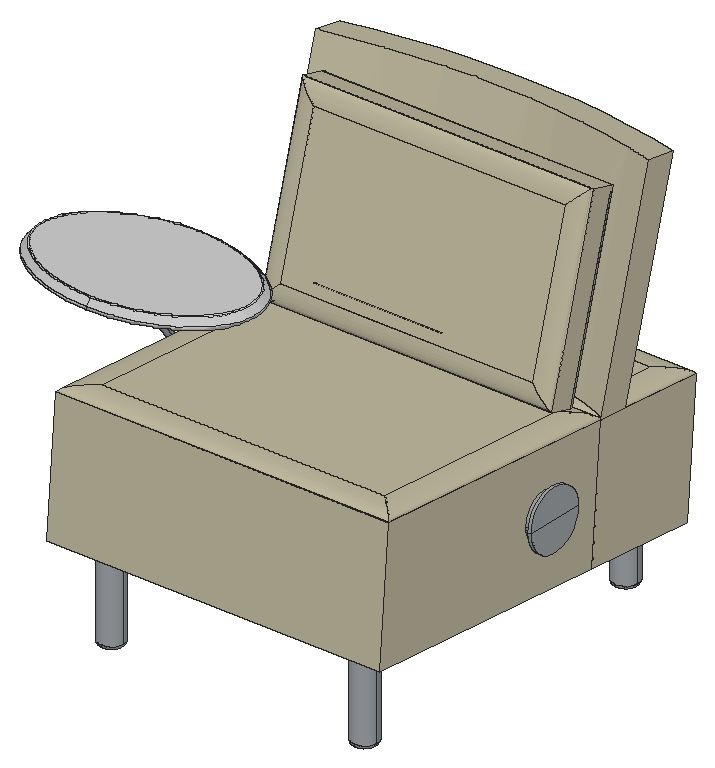
Revit family
Parameters
  URL = "http://www.martinbrattrud.com"
  Table Top [instance] = none
  SCS Certified Product = "Yes"
  Model = "Stonehenge 915-02"
  Manufacturer = "Martin Brattrud, Inc."
  Leg [instance] = none
  Keynote = "125000"
  Copyright = "© 2013 Martin Brattrud, Inc."
  Chair [instance] = none
  Back Cushion [instance] = none
  Authoring Version = "Revit Architecture 2010"
  Assembly Code = "E2020200"
Reference planes (in)
  plane 1 "Center Front/Back": y = 0
  plane 2: z = 0
  plane 3 "Center Left/Right": x = 0
Forms (in)
  Extrusion 1, solid, material <- "Chair"
    sketch origin (0, 0.52946, 5.84845) x (0, -0.995927, 0.090161) y (-1, 0, 0)
      loop
        line (-14.83695, -13.47209) -> (-5.2106, -13.47209) -> (-5.2106, 13.47209) -> (-14.83695, 13.47209) -> (-14.83695, -13.47209)
    from -10.4513 to -0.00014
  Extrusion 2, solid, material <- "Chair"
    sketch origin (0, 10.90822, 4.90887) x (0, 0.995927, -0.090161) y (1, 0, 0)
      loop
        line (-26.7106, 13.47209) -> (-26.7106, -13.47209) -> (-5.2106, -13.47209) -> (-5.2106, 13.47209) -> (-26.7106, 13.47209)
    from -10.4513 to 0.00024
  Sweep 3, solid, material <- "Chair"
    path in 3D
      loop
        line (13.47209, -14.7513, 17.72585) -> (13.47209, 6.66113, 15.7874) -> (-13.47209, 6.66113, 15.7874) -> (-13.47209, -14.7513, 17.72585) -> (13.47209, -14.7513, 17.72585)
    profile origin (0, -14.7513, 17.72585) x (0, 0.995927, -0.090161) y (0, 0.090161, 0.995927)
      loop
        line (2.03125, 0) -> (2.03125, 0.52839)
        spline (2.03125, 0.52839) -> (1.7702, 0.52387) -> (1.51361, 0.51039) -> (1.26588, 0.48817) -> (1.03125, 0.4576) -> (0.81373, 0.4192) -> (0.61704, 0.37363) -> (0.44454, 0.32166) -> (0.2992, 0.2642) -> (0.18349, 0.20221) -> (0.0994, 0.13676) -> (0.04836, 0.06897) -> (0.03125, 0)
        line (0.03125, 0) -> (2.03125, 0)
  Extrusion 4, solid, material <- "Chair"
    sketch origin (0, 0, 0) x (0, 1, 0) y (0, 0, 1)
      loop
        line (4.68579, 16.49677) -> (-12.68069, 18.06895) -> (-12.72833, 17.54271) -> (4.63815, 15.97053) -> (4.68579, 16.49677)
    from -11.44084 to 11.44084
  Sweep 5, solid, material <- "Chair"
    path in 3D
      loop
        line (-13.47209, 16.24828, 14.91948) -> (-13.47209, 6.66113, 15.7874) -> (13.47209, 6.66113, 15.7874) -> (13.47209, 16.24828, 14.91948) -> (-13.47209, 16.24828, 14.91948)
    profile origin (0, 16.24828, 14.91948) x (0, -0.995927, 0.090161) y (0, 0.090161, 0.995927)
      loop
        line (2.03125, 0) -> (2.03125, 0.45358)
        spline (2.03125, 0.45358) -> (1.7702, 0.4497) -> (1.51361, 0.43812) -> (1.26588, 0.41905) -> (1.03125, 0.39281) -> (0.81373, 0.35985) -> (0.61704, 0.32073) -> (0.44454, 0.27612) -> (0.2992, 0.22679) -> (0.18349, 0.17358) -> (0.0994, 0.11739) -> (0.04836, 0.0592) -> (0.03125, 0)
        line (0.03125, 0) -> (2.03125, 0)
  Extrusion 6, solid, material <- "Chair"
    sketch origin (0, 0, 0) x (0, 1, 0) y (0, 0, 1)
      loop
        line (9.98768, 30.76355) -> (8.06607, 31.31925) -> (3.89659, 16.90046) -> (5.81732, 16.34476) -> (9.98768, 30.76355)
    from -11.75 to 11.75
  Sweep 7, solid, material <- "Chair"
    path in 3D
      loop
        line (-11.75, 8.06607, 31.31925) -> (-11.75, 3.89659, 16.90046) -> (11.75, 3.89659, 16.90046) -> (11.75, 8.06607, 31.31925) -> (-11.75, 8.06607, 31.31925)
    profile origin (0, 8.06607, 31.31925) x (0, -0.277789, -0.960642) y (0, -0.960642, 0.277789)
      loop
        line (0.03125, 0) -> (1.53125, 0) -> (1.53125, 0.46962)
        spline (1.53125, 0.46962) -> (1.33546, 0.4656) -> (1.14302, 0.45362) -> (0.95722, 0.43387) -> (0.78125, 0.4067) -> (0.61811, 0.37258) -> (0.47059, 0.33207) -> (0.34122, 0.28589) -> (0.23221, 0.23481) -> (0.14543, 0.17972) -> (0.08236, 0.12155) -> (0.04408, 0.0613) -> (0.03125, 0)
  Extrusion 8, solid, material <- "Chair"
    sketch origin (0, 0, 0) x (0, 1, 0) y (0, 0, 1)
      loop
        line (7.64071, 29.84827) -> (7.18957, 29.97873) -> (3.87082, 18.5019) -> (4.32195, 18.37145) -> (7.64071, 29.84827)
    from -10.21875 to 10.21875
  Extrusion 9, solid, material <- "Back Cushion"
    sketch origin (0, 9.59309, 33.0573) x (0, -0.960379, 0.278698) y (-1, 0, 0)
      loop
        line (-4.43095, -13.47209) -> (-2.03001, -13.47209)
        spline (-2.03001, -13.47209) -> (-2.63308, -11.28001) -> (-3.12847, -9.05886) -> (-3.51491, -6.8144) -> (-3.79139, -4.55239) -> (-3.9572, -2.27868) -> (-4.01191, 0.00086) -> (-3.95539, 2.28035) -> (-3.78777, 4.55391) -> (-3.50949, 6.81568) -> (-3.12128, 9.05981) -> (-2.62412, 11.28053) -> (-2.01931, 13.47209)
        line (-2.01931, 13.47209) -> (-4.42025, 13.47209)
        spline (-4.42025, 13.47209) -> (-5.02507, 11.28053) -> (-5.52222, 9.05981) -> (-5.91044, 6.81568) -> (-6.18872, 4.55391) -> (-6.35633, 2.28035) -> (-6.41286, 0.00086) -> (-6.35814, -2.27868) -> (-6.19233, -4.55239) -> (-5.91585, -6.8144) -> (-5.52942, -9.05886) -> (-5.03403, -11.28001) -> (-4.43095, -13.47209)
    from -2.42207 to 17.57683
  Extrusion 10, void
    sketch origin (0, 0, 0) x (0, 1, 0) y (0, 0, 1)
      loop
        line (16.47346, 31.64061) -> (16.894, 34.06774) -> (11.72108, 34.96404) -> (11.30054, 32.5369) -> (16.47346, 31.64061)
      loop
        line (6.40792, 15.81305) -> (6.22512, 13.81373) -> (12.28534, 13.25965) -> (12.46814, 15.25896) -> (6.40792, 15.81305)
    from -15.22442 to 15.21518
  Sweep 11, solid, material <- "Leg"
    path in 3D
      loop
        line (-13.80104, 1.0919, 11.15112) -> (-13.80104, -8.45961, 24.29765)
    profile origin (-13.80104, -3.68385, 17.72438) x (-1, 0, 0) y (0, -0.809017, -0.587785)
      loop
        circle (0, 0) r 0.27955
  Extrusion 12, solid, material <- "Leg"
    sketch origin (0, 0, 0) x (1, 0, 0) y (0, 1, 0)
      loop
        circle (-13.80104, -8.22748) r 2
    from 24.00353 to 24.12853
  Extrusion 13, solid, material <- "Leg"
    sketch origin (0, 0, 0) x (1, 0, 0) y (0, 1, 0)
      loop
        circle (-10.25, -13.20254) r 1
      loop
        circle (10.25, -13.20254) r 1
    from 0.25 to 7.25
  Revolve 14, solid, material <- "Leg"
    sketch origin (-10.25, 0, 0) x (0, 1, 0) y (0, 0, 1)
      loop
        line (-12.20254, 0.25) -> (-13.20254, 0.25) -> (-13.20254, 0) -> (-12.45254, 0)
        arc (-12.45254, 0) -> (-12.27577, 0.07322) -> (-12.20254, 0.25) r 0.25
      axis (-13.20254, 0) -> (-13.20254, 0.25)
    angle from 0 to 360
  Revolve 15, solid, material <- "Leg"
    sketch origin (10.25, 0, 0) x (0, 1, 0) y (0, 0, -1)
      loop
        arc (-12.20254, -0.25) -> (-12.27577, -0.07322) -> (-12.45254, 0) r 0.25
        line (-12.45254, 0) -> (-13.20254, 0) -> (-13.20254, -0.25) -> (-12.20254, -0.25)
      axis (-13.20254, 0) -> (-13.20254, -0.25)
    angle from 0 to 360
  Revolve 16, solid, material <- "Leg"
    sketch origin (-10.25, 0, 0) x (0, -1, 0) y (0, 0, -1)
      loop
        arc (-12.20254, -0.25) -> (-12.27577, -0.07322) -> (-12.45254, 0) r 0.25
        line (-12.45254, 0) -> (-13.20254, 0) -> (-13.20254, -0.25) -> (-12.20254, -0.25)
      axis (-13.20254, 0) -> (-13.20254, -0.25)
    angle from 0 to 360
  Revolve 17, solid, material <- "Leg"
    sketch origin (10.25, 0, 0) x (0, -1, 0) y (0, 0, 1)
      loop
        line (-12.20254, 0.25) -> (-13.20254, 0.25) -> (-13.20254, 0) -> (-12.45254, 0)
        arc (-12.45254, 0) -> (-12.27577, 0.07322) -> (-12.20254, 0.25) r 0.25
      axis (-13.20254, 0) -> (-13.20254, 0.25)
    angle from 0 to 360
  Extrusion 18, solid, material <- "Leg"
    sketch origin (0, 0, 0) x (1, 0, 0) y (0, 1, 0)
      loop
        circle (-10.25, 13.20254) r 1
      loop
        circle (10.25, 13.20254) r 1
    from 0.25 to 4.90693
  Revolve 19, solid, material <- "Leg"
    sketch origin (0, 0, 11.375) x (-1, 0, 0) y (0, 1, 0)
      loop
        line (14.38, -1.5074) -> (14.38, 0.8676) -> (13.47209, 0.8676) -> (13.47209, -1.0074) -> (14.13, -1.0074) -> (14.13, -1.5074) -> (14.38, -1.5074)
      loop
        line (-14.38, -1.5074) -> (-14.13, -1.5074) -> (-14.13, -1.0074) -> (-13.47209, -1.0074) -> (-13.47209, 0.8676) -> (-14.38, 0.8676) -> (-14.38, -1.5074)
      axis (-14.38, 0.8676) -> (14.38, 0.8676)
    angle from 0 to 360
  Sweep 20, solid, material <- "Chair"
    path in 3D
      loop
        line (11.44084, 8.725, 16.05599) -> (11.44084, 8.68411, 15.60426)
    profile origin (11.44084, 8.70456, 15.83012) x (0, -0.995927, 0.090161) y (-1, 0, 0)
      loop
        line (0, 22.88167) -> (-5.56385, 22.88167) -> (-5.56385, 0) -> (0, 0) -> (0, 22.88167)
  Sweep 21, solid, material <- "Chair"
    path in 3D
      loop
        line (-10.21875, 7.18957, 29.97873) -> (-10.21875, 7.64071, 29.84827)
    profile origin (-10.21875, 7.41514, 29.9135) x (0, -0.277789, -0.960642) y (-1, 0, 0)
      loop
        line (0, 0) -> (0, -20.4375) -> (11.94703, -20.4375) -> (11.94703, 0) -> (0, 0)
  Sweep 22, solid, material <- "Chair"
    path in 3D
      loop
        line (-11.75, 9.98768, 30.76355) -> (-11.75, 5.81771, 16.3449) -> (11.75, 5.81771, 16.3449) -> (11.75, 9.98768, 30.76355) -> (-11.75, 9.98768, 30.76355)
    profile origin (0, 9.98768, 30.76355) x (0, 0.277821, 0.960633) y (0, 0.960633, -0.277821)
      loop
        spline (-0.03125, 0) -> (-0.04408, 0.0613) -> (-0.08236, 0.12155) -> (-0.14543, 0.17972) -> (-0.23221, 0.23481) -> (-0.34122, 0.28589) -> (-0.47059, 0.33207) -> (-0.61811, 0.37258) -> (-0.78125, 0.4067) -> (-0.95722, 0.43387) -> (-1.14302, 0.45362) -> (-1.33546, 0.4656) -> (-1.53125, 0.46962)
        line (-1.53125, 0.46962) -> (-1.53125, 0) -> (-0.03125, 0)
  Extrusion 23, solid, material <- "Chair"
    sketch origin (0, 0.0924, -0.02672) x (0, -0.845649, 0.53374) y (0, -0.53374, -0.845649)
      loop
        line (7.64071, -29.84827) -> (4.32195, -18.37145) -> (3.87082, -18.5019) -> (7.18957, -29.97873) -> (7.64071, -29.84827)
    from -10.21875 to 10.21875
  Sweep 24, solid, material <- "Chair"
    path in 3D
      loop
        line (-10.21875, 9.56227, 29.29258) -> (-10.21875, 10.0134, 29.16211)
    profile origin (-10.21875, 9.78783, 29.22734) x (0, -0.277821, -0.960633) y (-1, 0, 0)
      loop
        line (0, 0) -> (0, -20.4375) -> (11.94703, -20.4375) -> (11.94703, 0) -> (0, 0)
  Sweep 25, solid, material <- "Table Top"
    path in 3D
      loop
        spline (-11.44171, -2.24315, 24.12853) -> (-9.11234, -2.4476, 24.12853) -> (-6.94171, -3.047, 24.12853) -> (-5.07775, -4.00051, 24.12853) -> (-3.64748, -5.24315, 24.12853) -> (-2.74838, -6.69024, 24.12853) -> (-2.44171, -8.24315, 24.12853) -> (-2.74838, -9.79606, 24.12853) -> (-3.64748, -11.24315, 24.12853) -> (-5.07775, -12.48579, 24.12853) -> (-6.94171, -13.4393, 24.12853) -> (-9.11234, -14.03871, 24.12853) -> (-11.44171, -14.24315, 24.12853)
        spline (-11.44171, -14.24315, 24.12853) -> (-13.77108, -14.03871, 24.12853) -> (-15.94171, -13.4393, 24.12853) -> (-17.80567, -12.48579, 24.12853) -> (-19.23594, -11.24315, 24.12853) -> (-20.13504, -9.79606, 24.12853) -> (-20.44171, -8.24315, 24.12853) -> (-20.13504, -6.69024, 24.12853) -> (-19.23594, -5.24315, 24.12853) -> (-17.80567, -4.00051, 24.12853) -> (-15.94171, -3.047, 24.12853) -> (-13.77108, -2.4476, 24.12853) -> (-11.44171, -2.24315, 24.12853)
    profile origin (-20.44171, -8.24315, 24.12853) x (-1, 0, 0) y (0, 0, 1)
      loop
        line (-2.02252, 0.75) -> (-2.02252, 0) -> (-0.14497, 0)
        arc (-0.14497, 0) -> (-0.03102, 0.07363) -> (-0.05131, 0.20778) r 0.125
        line (-0.05131, 0.20778) -> (-0.49321, 0.70778)
        arc (-0.49321, 0.70778) -> (-0.5355, 0.73896) -> (-0.58687, 0.75) r 0.125
        line (-0.58687, 0.75) -> (-2.02252, 0.75)
  Extrusion 26, solid, material <- "Table Top"
    sketch origin (-19.66919, 5.55789, 0) x (0, 1, 0) y (-1, 0, 0)
      loop
        spline (-17.77853, -8.22748) -> (-17.60557, -10.20118) -> (-17.10964, -12.00095) -> (-16.36085, -13.46955) -> (-15.47705, -14.49272) -> (-14.59987, -15.04411) -> (-13.80104, -15.20497) -> (-13.00222, -15.04411) -> (-12.12504, -14.49272) -> (-11.24124, -13.46955) -> (-10.49245, -12.00095) -> (-9.99652, -10.20118) -> (-9.82356, -8.22748)
        spline (-9.82356, -8.22748) -> (-9.99652, -6.25378) -> (-10.49245, -4.45401) -> (-11.24124, -2.98541) -> (-12.12504, -1.96224) -> (-13.00222, -1.41085) -> (-13.80104, -1.25) -> (-14.59987, -1.41085) -> (-15.47705, -1.96224) -> (-16.36085, -2.98541) -> (-17.10964, -4.45401) -> (-17.60557, -6.25378) -> (-17.77853, -8.22748)
    from 24.12853 to 24.87853
Cuts and joins
  Extrusion 10 cuts Extrusion 9
  joined: Sweep 7, Extrusion 8, Sweep 21
  joined: Sweep 22, Extrusion 23, Sweep 24
  joined: Sweep 5, Sweep 20
  joined: Sweep 3, Extrusion 4
  joined: Sweep 25, Extrusion 26
Lines and regions (in)
  sketch lines
    curve 1: line (-13.47209, -14.7513, 17.72585) -> (13.47209, -14.7513, 17.72585)
    curve 2: line (-13.47209, 6.66113, 15.7874) -> (-13.47209, -14.7513, 17.72585)
    curve 3: line (13.47209, 6.66113, 15.7874) -> (-13.47209, 6.66113, 15.7874)
    curve 4: line (13.47209, -14.7513, 17.72585) -> (13.47209, 6.66113, 15.7874)
    curve 5: line (11.75, 8.06607, 31.31925) -> (-11.75, 8.06607, 31.31925)
    curve 6: line (-11.75, 3.89659, 16.90046) -> (-11.75, 8.06607, 31.31925)
    curve 7: line (11.75, 3.89659, 16.90046) -> (-11.75, 3.89659, 16.90046)
    curve 8: line (11.75, 8.06607, 31.31925) -> (11.75, 3.89659, 16.90046)
    curve 9: line (-13.80104, 1.0919, 11.15112) -> (-13.80104, -8.45961, 24.29765)
    curve 10: line (13.47209, 16.24828, 14.91948) -> (-13.47209, 16.24828, 14.91948)
    curve 11: line (13.47209, 6.66113, 15.7874) -> (13.47209, 16.24828, 14.91948)
    curve 12: line (-13.47209, 6.66113, 15.7874) -> (13.47209, 6.66113, 15.7874)
    curve 13: line (-13.47209, 16.24828, 14.91948) -> (-13.47209, 6.66113, 15.7874)
    curve 14: line (-10.21875, 7.18957, 29.97873) -> (-10.21875, 7.64071, 29.84827)
    curve 15: line (11.75, 9.98768, 30.76355) -> (-11.75, 9.98768, 30.76355)
    curve 16: line (-11.75, 5.81771, 16.3449) -> (-11.75, 9.98768, 30.76355)
    curve 17: line (11.75, 5.81771, 16.3449) -> (-11.75, 5.81771, 16.3449)
    curve 18: line (11.75, 9.98768, 30.76355) -> (11.75, 5.81771, 16.3449)
    curve 19: line (-10.21875, 9.56227, 29.29258) -> (-10.21875, 10.0134, 29.16211)
    curve 20: line (11.44084, 8.725, 16.05599) -> (11.44084, 8.68411, 15.60426)
    curve 21: spline (-11.44171, -14.24315, 24.12853) -> (-13.77108, -14.03871, 24.12853) -> (-15.94171, -13.4393, 24.12853) -> (-17.80567, -12.48579, 24.12853) -> (-19.23594, -11.24315, 24.12853) -> (-20.13504, -9.79606, 24.12853) -> (-20.44171, -8.24315, 24.12853) -> (-20.13504, -6.69024, 24.12853) -> (-19.23594, -5.24315, 24.12853) -> (-17.80567, -4.00051, 24.12853) -> (-15.94171, -3.047, 24.12853) -> (-13.77108, -2.4476, 24.12853) -> (-11.44171, -2.24315, 24.12853)
    curve 22: spline (-11.44171, -2.24315, 24.12853) -> (-9.11234, -2.4476, 24.12853) -> (-6.94171, -3.047, 24.12853) -> (-5.07775, -4.00051, 24.12853) -> (-3.64748, -5.24315, 24.12853) -> (-2.74838, -6.69024, 24.12853) -> (-2.44171, -8.24315, 24.12853) -> (-2.74838, -9.79606, 24.12853) -> (-3.64748, -11.24315, 24.12853) -> (-5.07775, -12.48579, 24.12853) -> (-6.94171, -13.4393, 24.12853) -> (-9.11234, -14.03871, 24.12853) -> (-11.44171, -14.24315, 24.12853)
